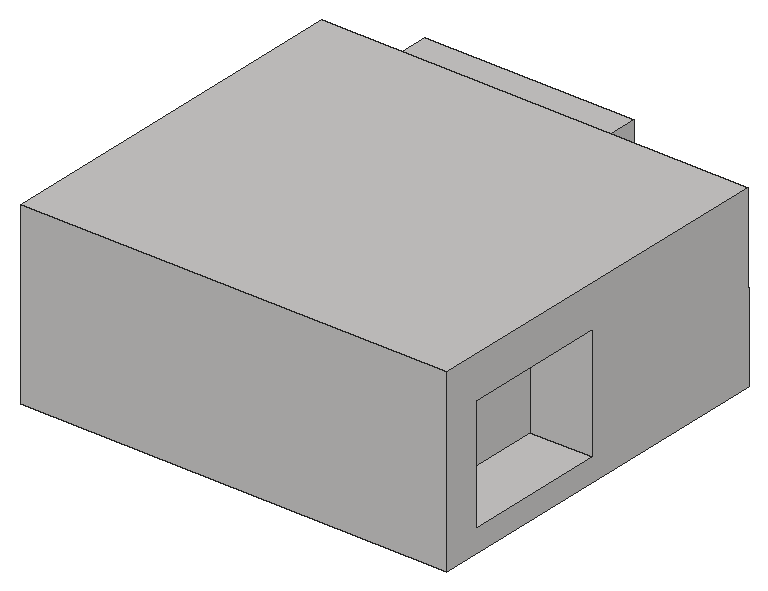
Revit family
Parameters
  Width = 3' - 0 1/8"
  Voltage = 208 V
  Unit Weight = "155.0 lbs"
  UltraLoc Liner = Choose Liner Option = 3  # no
  URL = "http://www.titus-hvac.com/"
  UL = "181"
  Supply Air Flow [instance] = 0 CFM
  SteriLoc Liner = Choose Liner Option = 2  # no
  Primary Air Pressure Drop [instance] = 0.00 in-wg
  Primary Air Flow [instance] = 0 CFM
  Plenum Air Pressure Drop [instance] = 0.00 in-wg
  Plenum Air Flow [instance] = 0 CFM
  Outlet Width = 1' - 2"
  Outlet Vertical Offset = 0' - 1 1/8"
  Outlet Horizontal Offset = 0' - 1 3/8"
  Outlet Height = 0' - 11"
  Number of Poles = 2
  Nominal Width = Width + 0' 6 1/4"  # 3' - 6 3/8"
  Nominal Length = Length + 0' 3 3/8"  # 3' - 8 1/4"
  Nominal Inlet Size = 0' - 10"
  Nominal Height = 1' - 5 1/8"
  NFPA = "90A"
  Motor Full Load Amps = 4.1 A
  Model = "DTQS"
  Min. Air Flow = 0 CFM
  Max. Air Flow = 0 CFM
  Material = Galvanized Steel
  Manufacturer = "Titus"
  Length = 3' - 4 7/8"
  Juction Box Offset = 0' - 4 7/8"
  Inlet Diameter = Nominal Inlet Size - 0' 0 1/8"  # 0' - 9 7/8"
  Induced Air Inlet Offset = 0' - 4 1/2"
  Induced Air Inlet Width = 1' - 1 1/4"
  Induced Air Inlet Height = 1' - 2 1/2"
  Induced Air Filter = no
  Heating Total Capacity [instance] = 0 Btu/h
  Half Outlet Connection Width = Outlet Width / 2  # 0' - 7"
  Half Outlet Connection Height = Outlet Height / 2  # 0' - 5 1/2"
  Half Height Start = -(Nominal Height / 2)  # -0' - 8 9/16"
  Half Height End = Nominal Height / 2  # 0' - 8 9/16"
  HP-Motor = "1/3"
  Frequency = 60 Hz
  Filter Size = "19\"x17\""
  Fiber Free Liner = Choose Liner Option = 1  # no
  Fan Disconnect Switch = no
  Duct Radius = Nominal Inlet Size / 2  # 0' - 5"
  Description = "Series Fan Powered Terminal Unit, Direct Digital Control, Pressure Independent"
  Connection Void Radius = Connection Radius - 0' 0 1/4"  # 0' - 4 11/16"
  Connection Radius = Inlet Diameter / 2  # 0' - 4 15/16"
  Choose Liner Option = 0
  CADworks URL = "www.CADworks.net"
  Assembly Code = "D3040100"
  Apparent Power = Voltage * Motor Full Load Amps  # 852.8 VA
  Air Inlet Offset = 0' - 7"
  1/2" Fiberglass Liner = Choose Liner Option = 0  # yes
Reference planes (in)
  plane 1 "Center (Front/Back)": y = 0
  plane 2: z = 0
  plane 3 "Center (Left/Right)": x = 3
  plane 4: x = -17.4375
  plane 5: x = 23.4375
  plane 6: x = -12.5625
  plane 7: x = -20.8125
  plane 8 "Center (Elevation)": z = 0
  plane 9: y = -18.0625
  plane 10: y = 18.0625
  plane 11: y = 11.0625
  plane 12: y = -13.5625
  plane 13: x = -11.4375
  plane 14: x = 17.4375
  plane 15: y = 24.3125
  plane 16: z = 8.5625
  plane 17: z = -8.5625
Forms (in)
  Extrusion 1, solid, material "Galvanized Steel" <- "Material"
    sketch origin (61, -3.76302, 78.80279) x (1, 0, 0) y (0, 1, 0)
      loop
        line (-78.4375, 21.82552) -> (-78.4375, -14.29948) -> (-37.5625, -14.29948) -> (-37.5625, 21.82552) -> (-78.4375, 21.82552)
    from -87.36529 <- "Half Height Start" to -70.24029 <- "Half Height End"
  Extrusion 2, solid, material "Galvanized Steel" <- "Material"
    sketch origin (6.0625, 0, 42) x (1, 0, 0) y (0, 1, 0)
      loop
        line (-18.625, 18.0625) -> (1.375, 18.0625) -> (1.375, 24.3125) -> (-18.625, 24.3125) -> (-18.625, 18.0625)
    from -48 to -36
  Extrusion 3, void
    sketch origin (23.4375, 18.0625, 76.42779) x (0, 1, 0) y (0, 0, -1)
      loop
        line (-18.625, 71.86529) -> (-18.625, 82.86529) -> (-32.625, 82.86529) -> (-32.625, 71.86529) -> (-18.625, 71.86529)
    from 0 to 6
  Extrusion 4, solid, material "Galvanized Steel" <- "Material"
    sketch origin (-24.875, -0.4375, 0) x (0, 0, -1) y (0, 1, 0)
      loop
        circle (0, 11.5) r 4.9375
    from 4.0625 to 7.4375
  Extrusion 5, void
    sketch origin (-24.875, 0, 0) x (0, 1, 0) y (0, 0, 1)
      loop
        circle (11.0625, 0) r 4.6875
    from 4.0625 to 13.4375
  Extrusion 6, void
    sketch origin (-17.4375, -18.0625, 78.67779) x (0, -1, 0) y (0, 0, -1)
      loop
        line (-17.75, 71.49029) -> (-4.5, 71.49029) -> (-4.5, 85.99029) -> (-17.75, 85.99029) -> (-17.75, 71.49029)
    from 0 to 6
Cuts and joins
  Extrusion 3, Extrusion 5, Extrusion 6 cuts Extrusion 1
  Extrusion 5 cuts Extrusion 4
Dimensions and locks (in)
  "Length": plane 5 to plane 4
  equal spacing: plane 5, plane 3 "Center (Left/Right)", plane 4
  locked: Extrusion 2 to plane 6 at 0
  locked: Extrusion 2 to Extrusion 2 at 20
  "Juction Box Offset": plane 6 to plane 4
  "Outlet Height": Extrusion 3 sketch curve to Extrusion 3 sketch curve
  "Outlet Width": Extrusion 3 sketch curve to Extrusion 3 sketch curve
  locked: plane 4 to plane 7 at 3.375
  "Width": plane 9 to plane 10
  equal spacing: plane 9, plane 1 "Center (Front/Back)", plane 10
  locked: Extrusion 4 sketch curve to level at 0
  locked: Extrusion 4 sketch curve to plane 11 at 0
  locked: Extrusion 5 sketch curve to level at 0
  locked: Extrusion 5 sketch curve to plane 11 at 0
  locked: Extrusion 2 to Extrusion 2 at 6.25
  "Air Inlet Offset": plane 10 to plane 11
  locked: Extrusion 2 to plane 10 at 0
  locked: cut or joined group of Extrusion 4, Extrusion 5 to plane 7 at 0
  locked: cut or joined group of Extrusion 4, Extrusion 5 to cut or joined group of Extrusion 4, Extrusion 5 at 3.375
  "Induced Air Inlet Offset": plane 9 to plane 12
  "Induced Air Inlet Width": Extrusion 6 sketch curve to Extrusion 6 sketch curve
  "Induced Air Inlet Height": Extrusion 6 sketch curve to Extrusion 6 sketch curve
  "Induced Air Inlet Offset": Extrusion 6 sketch curve to plane 9
  locked: plane 9 to Extrusion 3 sketch curve at 3.5
  cut or joined group of Extrusion 1, Extrusion 3, Extrusion 5, Extrusion 6 to Extrusion 6 sketch curve = 0' - 1 3/8"
  cut or joined group of Extrusion 1, Extrusion 3, Extrusion 5, Extrusion 6 to Extrusion 3 sketch curve = 0' - 2 1/8"
  locked: Extrusion 2 to Extrusion 2 at 12
  equal spacing: Extrusion 2, level, Extrusion 2
  locked: cut or joined group of Extrusion 1, Extrusion 3, Extrusion 5, Extrusion 6 to cut or joined group of Extrusion 1, Extrusion 3, Extrusion 5, Extrusion 6 at 17.125
  equal spacing: cut or joined group of Extrusion 1, Extrusion 3, Extrusion 5, Extrusion 6, level, cut or joined group of Extrusion 1, Extrusion 3, Extrusion 5, Extrusion 6
  locked: plane 4 to plane 13 at 6
  locked: plane 14 to plane 5 at 6
  "Connection Radius": radius of Extrusion 4 sketch curve
  "Connection Void Radius": radius of Extrusion 5 sketch curve
  aligned and locked: cut or joined group of Extrusion 1, Extrusion 3, Extrusion 5, Extrusion 6 to plane 10
  aligned and locked: plane 9 to cut or joined group of Extrusion 1, Extrusion 3, Extrusion 5, Extrusion 6
  aligned and locked: plane 5 to cut or joined group of Extrusion 1, Extrusion 3, Extrusion 5, Extrusion 6
  aligned and locked: cut or joined group of Extrusion 1, Extrusion 3, Extrusion 5, Extrusion 6 to plane 4
  aligned and locked: Extrusion 3 to plane 14
  aligned and locked: plane 13 to Extrusion 6
  aligned and locked: Extrusion 6 to Extrusion 5
Automatic sketch dimensions
  plane 4 to Extrusion 1 sketch curve = 0' - 0"
  plane 5 to Extrusion 1 sketch curve = 0' - 0"
  plane 9 to Extrusion 1 sketch curve = 0' - 0"
  plane 10 to Extrusion 1 sketch curve = 0' - 0"
  Extrusion 2 sketch curve to plane 6 = 0' - 0"
  Extrusion 2 sketch curve to plane 10 = 0' - 0"
  plane 3 "Center (Left/Right)" to Extrusion 2 sketch curve = 0' - 4 7/16"
  Extrusion 2 sketch curve to plane 10 = 0' - 6 1/4"
Connectors (in)
  electrical at (-2.5625, 24.3125, 0), driven by "Apparent Power", driven by "Voltage", driven by "Number of Poles"
    settings: on Extrusion 2, index 8
  hvac at (-20.8125, 11.0625, 0), driven by "Primary Air Flow", driven by "Duct Radius", driven by "Primary Air Pressure Drop"
    settings: on cut or joined group of Extrusion 4, Extrusion 5, index 9
  hvac at (-17.4375, -6.9375, -0.0625), driven by "Induced Air Inlet Width", driven by "Induced Air Inlet Height", driven by "Plenum Air Pressure Drop", driven by "Plenum Air Flow"
    settings: on cut or joined group of Extrusion 1, Extrusion 3, Extrusion 5, Extrusion 6, index 14
  hvac at (23.4375, -7.5625, -0.9375), driven by "Supply Air Flow", driven by "Outlet Width", driven by "Outlet Height"
    settings: on cut or joined group of Extrusion 1, Extrusion 3, Extrusion 5, Extrusion 6, index 15
